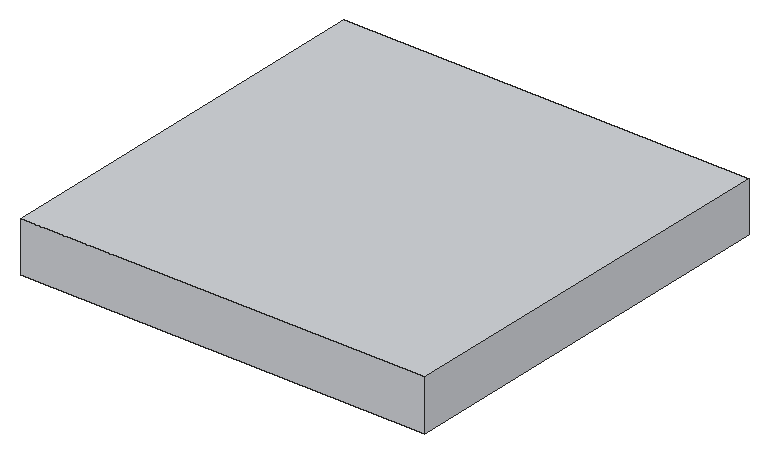
Revit family "05-E090-DC-CL", category Luminarias, Revit 2017
Family settings
  Anfitrión = Cara
  Cota de conector redondo = Diámetro de uso
  Tipo de pieza = Normal
  Número OmniClass = 23.80.70.00
  Título OmniClass = Lighting
  Corte con vacíos al cargar = No
  Origen de luz = No
  Compartido = Sí
  Punto de cálculo de habitación = No
Parameters (values of type "05-E090-DC-CL")
  Versión = "v1"
  Vatios (W) = 9
  Tipo de regulación = ""
  Tipo = "Empotrable de pared"
  Tender text (English) = "LEDS C4\nArc\n05-E090-DC-CL\n\nWall recessed for indoor and outdoor use. \n\nFor frontal lighting and downlighting. Suitable for installation in marine environments. Includes 2 cable outlets to facilitate chain mounting. Structure material: cement, Aluminium. Structure finish: Cement, Urban grey. Diffuser material: Glass. Diffuser finish: Sandblasted. UV protection. Warranty: 5 Years.\n\nProduct net weight (Kg): 3.200\nProduct length (mm): 300\nProduct height (mm): 140\nProduct aperture (mm): 63\nØ of the hole for recessing (mm): 300x140\n\nClass 1. IP: IP65. IK: IK10. LED. No. of lampholders or LEDs: 26. LED brand: HONGLITRONIC. Driver brand: DRIVER AC. Maximum power of light source: 9W. Colour temperature: LED warm-white 3000K. Colour rendering index: 80. MacAdam Steps: 3. Maximum diameter of luminaire bulb: 50.000h L80B20. UGR:  18.9. Photobiological risk: RG0. Real flux (lm): 404. Lm/Real W: 45. Voltage and frequency range: 220-240/50-60Hz. Voltage: 9. Gear included: Yes, electronic. Total power: 9."
  Tender text (Castellano) = "LEDS C4\nArc\n05-E090-DC-CL\n\nEmpotrado de pared de uso interior y exterior para iluminar frontalmente y hacia abajo. \nApto para instalar en ambientes con atmósfera marina. Incluye 2 salidas de cable para facilitar la instalación en cadena. Material estructura: Cemento, Aluminio. Acabado estructura: Cemento, Gris urbano. Material difusor: Cristal. Acabado difusor: Arenado. Protección contra los rayos ultravioleta. Garantía: 5 Años.\n\nPeso neto del producto (Kg): 3.200\nLongitud del producto (mm): 300\nAltura del producto (mm): 140\nSalida del producto (mm): 63\nØ del agujero para empotrar (mm): 300x140\n\nClase 1. IP: IP65. IK: IK10. LED. Nº de portalámparas o Leds: 26. Marca del LED: HONGLITRONIC. Marca del Driver: DRIVER AC. Potencia máxima de la fuente de luz: 9W. Temperatura de color: Blanco cálido - 3000K. Índice de reproducción cromática: 80. Steps Mac Adam: 3. Diámetro máximo de la bombilla que admite la luminaria: 50.000h L80B20. UGR:  18.9. Riesgo fotobiológico: RG0. Flujo real (lm): 404. Lm/W reales: 45. Rango de voltaje/frecuencia: 220-240/50-60Hz. Voltaje: 9. Equipo incluido: Si, electrónico. Potencia total: 9."
  Temperatura color led (K) = "Blanco cálido - 3000K"
  Referencia = "05-E090-DC-CL"
  Rayo de luz = "Check Photometric file"
  Producto descatalogado = "Catalogado ES"
  Pluma comercial = ""
  Peso neto (KG) = 3.2
  Material = "Cemento, Aluminio, Cristal"
  Lumenes reales (lm) = 404
  LDT = "http://files.leds-c4.com/ldt/05-E090-DC-CL.html"
  Imagen web = "http://files.leds-c4.com/main-photo/05-E090-DC-CL"
  IfcExportType = "NOTDEFINED"
  IfcExportAs = "IfcLightFixture\r\nIfcLightFixture"
  IP = "IP65"
  IMC = "http://files.leds-c4.com/imc/05-E090-DC-CL.html"
  IK = "IK10"
  Fuente de luz = ""
  Fotometría = "http://files.leds-c4.com/fm/05-E090-DC-CL.html"
  Ficha = "http://files.leds-c4.com/ft/es/05-E090-DC-CL.html"
  FechaVersion = "Julio 2020"
  Familia = "Arc"
  Fabricante = "LEDS C4"
  Etiqueta V/f = "230V/50-60Hz"
  Elevación por defecto = 1000 mm
  Eficiencia energética = "LED A++"
  EAN13 = "8435575319264"
  DescripcionUniformat2010 = "Lighting"
  DescripcionUniclass2015 = "Lighting"
  DescripcionOmniclass = "Lighting"
  DescripcionGubimclass = "Iluminación interior"
  CodigoUniformat2010 = "D5040"
  CodigoUniclass2015 = "EF_70_80"
  CodigoOmniclass = "21-04 50 40"
  CodigoGubimclass = "50.60.50.20"
  Catálogo = "Outdoor"
  Carga aparente = 0 VA
  CRI = 80
  Acabado = "Cemento, Gris urbano, Arenado"
Types (2, lengths in mm): name | Lumenes reales (lm) | CRI
  (no name) | 0 | 0
  05-E090-DC-CL | 404 | 80
Values of the unnamed type that differ from the named types
  Vatios (W) = 0
  Tipo = ""
  Tender text (English) = ""
  Tender text (Castellano) = ""
  Temperatura color led (K) = ""
  Referencia = ""
  Rayo de luz = ""
  Producto descatalogado = ""
  Peso neto (KG) = 0
  Material = ""
  LDT = ""
  Imagen web = ""
  IP = ""
  IMC = ""
  IK = ""
  Fotometría = ""
  Ficha = ""
  Familia = ""
  Etiqueta V/f = ""
  Eficiencia energética = ""
  EAN13 = ""
  Catálogo = ""
  Acabado = ""
Reference planes
  plane 1 "Centro (Frontal/Posterior)": y = 0
  plane 2: z = 0
  plane 3 "Centro (Izquierda/Derecha)": x = 0
  plane 4 "Elevación de origen de luz": z = 0
  plane 5 "Eje de origen de luz (F/P)": y = 0
  plane 6 "Eje de origen de luz (I/D)": x = 0
Forms (mm)
  Extrusion 1, solid
    sketch origin (0, 0, 0) x (1, 0, 0) y (0, 1, 0)
      loop
        line (-1219.2, 1219.2) -> (-1219.2, -1219.2) -> (1219.2, -1219.2) -> (1219.2, 1219.2) -> (-1219.2, 1219.2)
    from 0 to -304.8
Dimensions and locks
  aligned and locked: plane 2 to Extrusion 1
  aligned and locked: level to Extrusion 1
Nested families
  nested 1: "Luz anidada" at (34.964, 0, 74.574), type "Tipo1"
Connectors
  electrical at (0, 0, 0)
    settings: on Extrusion 1, index 1, voltage 0 V, apparent load 0 VA, apparent load phase1 0 VA, apparent load phase2 0 VA, apparent load phase3 0 VA, power factor 1, load classification "Otro", number of poles 1, system type 31, power factor state 1, is connector primary yes, connector utility no, sub classification motor no, connector description ""
Definition of nested family "Luz anidada"
  Parameters (values of type "Tipo1")
    Tilt Angle = 21.6067°
    Wattage = 9 W
    Tipo de regulación = ""
    Tipo = ""
    Tender text = ""
    built-in parameter 1150110 = 1 (stored number, unit not read)
    Pluma comercial = ""
    Material = ""
    Imagen = ""
    IP = ""
    IMC = ""
    IK = ""
    Fotometría = ""
    Ficha = ""
    Familia = ""
    Estado en catálogo = ""
    Peso neto = ""
    Lamp = ""
    built-in parameter 1114217 = 1 (stored number, unit not read)
    built-in parameter 1150109 = 1 (stored number, unit not read)
    Etiqueta vf = ""
    Eficiencia energética = ""
    EAN13 = ""
    built-in parameter 1150134 = (empty or 0)
    built-in parameter 1150113 = 1 (stored number, unit not read)
    Lumens = 2391 lm
    built-in parameter 1150115 = 1 (stored number, unit not read)
    built-in parameter 1150105 = 109.82 (stored number, unit not read)
    built-in parameter 1150137 = (empty or 0)
    built-in parameter 1150139 = (empty or 0)
    built-in parameter 1150112 = 1 (stored number, unit not read)
    built-in parameter 1150114 = 1 (stored number, unit not read)
    built-in parameter 1150132 = (empty or 0)
    built-in parameter 1150102 = (empty or 0)
    built-in parameter 1150138 = (empty or 0)
    built-in parameter 1150107 = 3000 (stored number, unit not read)
    built-in parameter 1150106 = 1.0982 (stored number, unit not read)
    built-in parameter 1150104 = 4.1703 (stored number, unit not read)
    Catálogo = ""
    Dimming Lamp Color Temperature Shift = (empty or 0)
    Color Filter = 16777215
    built-in parameter 1114218 = 1 (stored number, unit not read)
    CRI = 0
    Photometric Web File = "05-E090-DC-CL.ies"
    Acabado = ""
    built-in parameter 1150133 = 10 (stored number, unit not read)
  Types (2, lengths in mm): name | Tilt Angle
    (no name) | 0.127297°
    Tipo1 | 21.6067°
  Values of the unnamed type that differ from the named types
    Wattage = 9.8 W
    built-in parameter 1150104 = 6.4463 (stored number, unit not read)
  Reference planes
    plane 1 "Eje de origen de luz (F/P)": y = 0
    plane 2: z = 0
    plane 3 "Eje de origen de luz (I/D)": x = 0
    plane 4 "Elevación de origen de luz": z = 0
  Dimensions and locks
    aligned and locked: plane 3 "Eje de origen de luz (I/D)" to imposter light
    aligned and locked: plane 1 "Eje de origen de luz (F/P)" to imposter light
    aligned and locked: plane 4 "Elevación de origen de luz" to imposter light
    aligned and locked: level to plane 2
